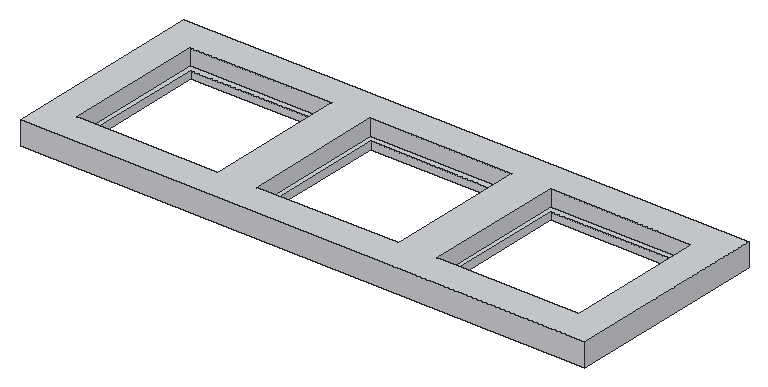
Revit family "Gira_021309", category Electrical Fixtures, host Face, Revit 2017
Family settings
  Host = Face
  Maintain Annotation Orientation = No
  Round Connector Dimension = Use Diameter
  Part Type = Normal
  Cut with Voids When Loaded = No
  Shared = No
  Room Calculation Point = No
Parameters (values of type "Abdeckrahmen 3f Gira E2 Schwarz m")
  Werkstoffgüte = "Thermoplast"
  Werkstoff = "Kunststoff"
  URL = "http://katalog.gira.de/de_DE/datenblatt.html?artikelnr=021309"
  Transparent = "No"
  Textfeld/Beschriftungsfläche = "No"
  Schutzart (IP) = "IP20"
  Region = "DE"
  Oberfläche = "sonstige"
  Name = "Abdeckrahmen 3f Gira E2 Schwarz m"
  Montagerichtung = "horizontal und vertikal"
  Mit Montagerahmen = "No"
  Mit Klappdeckel = "No"
  Manufacturer URL = "https://www.gira.de/"
  Keynote = "E2_Rahmen_3fach"
  HeinzeBIM = "https://bimportal.heinze.de/bim/abdeckrahmen-3f-gira-e2-schwarz-m/e9a1ac672cc1372179cb5821fe48a08c2bbbb5ab"
  Halogenfrei = "Yes"
  HAN = "021309"
  Geeignet für Unterputz-Installation = "Yes"
  Geeignet für Unterflurkanaldose = "No"
  Geeignet für Geräteeinbaukanal = "No"
  Geeignet für Einbauinstallation = "No"
  GTIN = "4010337036821"
  Farbe = "schwarz"
  Default Elevation = 1219.2 mm
  Data sheet (1) = "https://katalog.gira.de/de_DE/download.html?artikelnr=021309"
  Category = "Abdeckrahmen"
  Befestigungsart = "Klemmbefestigung"
  Available = "Yes"
  Ausführung der Oberfläche = "matt"
  Anzahl der Einheiten vertikal = "3 "
  Anzahl der Einheiten horizontal = "3 "
  Anzahl der Einheiten = "3 "
Reference planes
  plane 1 "Center (Front/Back)": y = 0
  plane 2: z = 0
  plane 3 "Center (Left/Right)": x = 0
Forms (mm)
  Extrusion 1, solid, detail levels fine
    sketch origin (0, 0, 0) x (1, 0, 0) y (0, 1, 0)
      loop
        line (111.7, 40.4) -> (-111.7, 40.4) -> (-111.7, -40.4) -> (111.7, -40.4) -> (111.7, 40.4)
      loop
        line (43.248, 28.052) -> (43.248, -28.052) -> (99.352, -28.052) -> (99.352, 28.052) -> (43.248, 28.052)
      loop
        line (-28.052, 28.052) -> (-28.052, -28.052) -> (28.052, -28.052) -> (28.052, 28.052) -> (-28.052, 28.052)
      loop
        line (-99.352, 28.052) -> (-99.352, -28.052) -> (-43.248, -28.052) -> (-43.248, 28.052) -> (-99.352, 28.052)
    from 0 to 9.3
  Extrusion 2, solid, detail levels fine
    sketch origin (-71.2, 0, 0) x (1, 0, 0) y (0, 1, 0)
      loop
        line (-28.152, -28.152) -> (28.152, -28.152) -> (28.152, 28.152) -> (-28.152, 28.152) -> (-28.152, -28.152)
      loop
        line (25.9, -25.7) -> (25.9, 25.7) -> (-25.9, 25.7) -> (-25.9, -25.7) -> (25.9, -25.7)
    from 0 to 3
  Extrusion 3, solid, detail levels coarse+medium
    sketch origin (0, 0, 0) x (1, 0, 0) y (0, 1, 0)
      loop
        line (111.7, 40.4) -> (-111.7, 40.4) -> (-111.7, -40.4) -> (111.7, -40.4) -> (111.7, 40.4)
    from 0 to 9.3
  Extrusion 4, solid, detail levels fine
    sketch origin (0.1, -0.047, 0) x (1, 0, 0) y (0, 1, 0)
      loop
        line (-28.152, -28.106) -> (28.152, -28.106) -> (28.152, 28.199) -> (-28.152, 28.199) -> (-28.152, -28.106)
      loop
        line (25.9, -25.653) -> (25.9, 25.747) -> (-25.9, 25.747) -> (-25.9, -25.653) -> (25.9, -25.653)
    from 0 to 3
  Extrusion 5, solid, detail levels fine
    sketch origin (71.2, -0.047, 0) x (1, 0, 0) y (0, 1, 0)
      loop
        line (-27.952, -28.006) -> (28.152, -28.006) -> (28.152, 28.099) -> (-27.952, 28.099) -> (-27.952, -28.006)
      loop
        line (26, -25.653) -> (26, 25.747) -> (-25.9, 25.747) -> (-25.9, -25.653) -> (26, -25.653)
    from 0 to 3
Dimensions and locks
  aligned and locked: plane 2 to host face
  aligned and locked: level to host face
